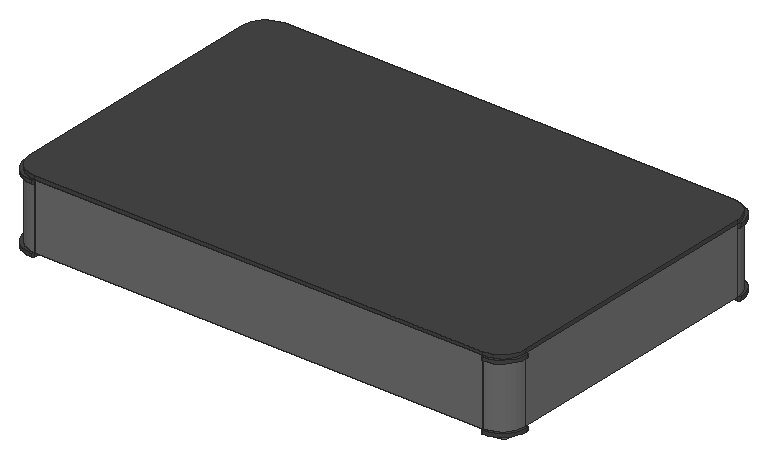
Revit family "QF_ADVENTYS_IE2_600_B-B_250902071253", category Specialty Equipment, Revit 2021
Family settings
  Round Connector Dimension = Use Diameter
  Part Type = Normal
  OmniClass Number = 23.40.40.14
  OmniClass Title = Food Service Equipment
  Work Plane-Based = No
  Always vertical = Yes
  Cut with Voids When Loaded = No
  Shared = No
  Room Calculation Point = No
Parameters (values of type "ADV1844")
  Weight in Pounds [instance] = 0
  Weight = 7.50 kg
  Warranty Start Date [instance] = ""
  Warranty Duration [instance] = ""
  Volts [instance] = 230 V
  URL Recommended Spares List = ""
  URL Manufacturer = ""
  URL Cutsheet = ""
  URL Critical Spares List = ""
  URL = "www.adventys.com"
  Tag Number [instance] = ""
  Status [instance] = ""
  Specification by User [instance] = ""
  Specification by Manufacturer [instance] = ""
  Sound Level [instance] = ""
  Solid Fuel Type [instance] = ""
  Service Life Duration [instance] = ""
  Serial Number [instance] = ""
  Seismic Rating [instance] = ""
  SMACNA No [instance] = ""
  Revision Code [instance] = ""
  Revision [instance] = ""
  Production Year [instance] = ""
  Point Load [instance] = 0
  Phase [instance] = 1
  Other Equipment Approvals [instance] = ""
  Number of Poles [instance] = 2
  NAFEM Spec ID Number [instance] = ""
  Model Warning [instance] = ""
  Model = "IE2 600 B-B"
  Min Ckt Ampacity [instance] = 0 A
  Max Overcurrent Protection [instance] = 10 A
  Masterspec [instance] = ""
  Manufacturer = "ADVENTYS"
  Length Actual = 620 mm
  Item Number [instance] = ""
  Installed By [instance] = ""
  Installation Date [instance] = ""
  Identify Quantity as Lot [instance] = no
  ID [instance] = ""
  Hygiene Approval [instance] = ""
  Hot Water Consumption = 0.0 L/s
  Height Actual = 96 mm
  HP power [instance] = ""
  Furnished By [instance] = ""
  Foodservice Equipment Identifier [instance] = no
  FL Amps [instance] = 2.7 A
  Electrical Remarks [instance] = "Plug not included"
  Electric power [instance] = 0 W
  Electric Connection Type [instance] = "Cord&Plug"
  Elec Conn RI Height [instance] = 0 mm
  Elec Conn Connection Height [instance] = 0 mm
  ETL Approved [instance] = no
  Description = "2 ZONES CUSTOMIZABLE INDUCTION BUFFET"
  Depth Actual = 390 mm
  Default Elevation = 0 mm
  Cycle [instance] = 50 Hz
  Cost = 0
  Conn Plug [instance] = ""
  Conn Conduit [instance] = no
  CSI MasterFormat [instance] = ""
  CE Approved [instance] = no
  Barcode [instance] = 0
  Author [instance] = ""
  Asset Identifier [instance] = ""
  Apparent Power [instance] = 600 VA
  Accessory = no
Reference planes
  plane 1 "Center (Front/Back)": y = 0
  plane 2: z = 0
  plane 3 "Center (Left/Right)": x = 0
Forms (mm)
  Extrusion 1, solid, not visible
    sketch origin (70.003, -2, 47.502) x (1, 0, 0) y (0, 1, 0)
      loop
        line (-2, 2) -> (-2, -2) -> (2, -2) -> (2, 2) -> (-2, 2)
    from -2 to 2
Dimensions and locks
  locked: Extrusion 1 to nested 2
  locked: nested 2 to Extrusion 1 at 2
  aligned and locked: level to plane 2
Nested families
  nested 1: "QF_ADVENTYS_ADV1844_2916" at (0, 0, 0), type "ADV1844"
    with Status "", Show Logo yes, Show Clearance yes
  nested 2: "CONN_POINT_ELE_2D___Generic_Annotation" at (70.003, 0, 47.502), type "CONN_POINT_ELE_2D___Generic_Annotation"
    with Onboard connection annotation symbol visibility yes
Connectors
  electrical at (70.003, 0, 47.502), driven by "Apparent Power", driven by "Number of Poles", driven by "Volts"
    settings: on Extrusion 1, index 1, voltage 230 V, apparent load 0 VA, apparent load phase1 600 VA, apparent load phase2 0 VA, apparent load phase3 0 VA, power factor 1, load classification "Other", number of poles 2, system type 31, power factor state 1, is connector primary yes, connector utility no, sub classification motor no, connector description "Electrical connection for IE2 600 B-B"
Definition of nested family "QF_ADVENTYS_ADV1844_2916"
  Parameters (values of type "ADV1844")
    URL = "www.adventys.com"
    Status [instance] = ""
    Show Logo [instance] = yes
    Show Clearance [instance] = yes
    Model = "IE2 600 B-B"
    Manufacturer = "ADVENTYS"
    Description = "2 ZONES CUSTOMIZABLE INDUCTION BUFFET"
    Default Elevation = 0 mm
    Author = "SPECIFI"
    Assembly Code = "E1090320"
  Reference planes
    plane 1 "Back": y = 0
    plane 2: z = 0
    plane 3 "Left": x = 0
    plane 4 "Right": x = 620
    plane 5 "Front": y = -390
    plane 6 "Top": z = 96
  Forms (mm)
    Extrusion 1, solid
      sketch origin (-437.879, -390, -60.3) x (1, 0, 0) y (0, 1, 0)
        loop
          line (437.879, 360) -> (437.879, 30) -> (467.879, 30) -> (467.879, 0) -> (1027.879, 0) -> (1027.879, 30) -> (1057.879, 30) -> (1057.879, 360) -> (1027.879, 360) -> (1027.879, 390) -> (467.879, 390) -> (467.879, 360) -> (437.879, 360)
      from 70.3 to 152.3
    Extrusion 2, solid
      sketch origin (30, -390, -14.006) x (1, 0, 0) y (0, 1, 0)
        loop
          line (0, 30) -> (-30.98, 30)
          arc (-30.98, 30) -> (-32.402, 29.388) -> (-32.935, 27.935) r 1.958
          arc (-32.935, 27.935) -> (-23.852, 6.102) -> (-2, -2.935) r 30.935
          arc (-2, -2.935) -> (-0.586, -2.35) -> (0, -0.935) r 2
          line (0, -0.935) -> (0, 30)
        loop
          line (560, 30) -> (560, -0.935)
          arc (560, -0.935) -> (560.586, -2.35) -> (562, -2.935) r 2
          arc (562, -2.935) -> (583.852, 6.102) -> (592.935, 27.935) r 30.935
          arc (592.935, 27.935) -> (592.402, 29.388) -> (590.98, 30) r 1.958
          line (590.98, 30) -> (560, 30)
        loop
          line (0, 360) -> (0, 390.935)
          arc (0, 390.935) -> (-0.586, 392.35) -> (-2, 392.935) r 2
          arc (-2, 392.935) -> (-23.852, 383.898) -> (-32.935, 362.065) r 30.935
          arc (-32.935, 362.065) -> (-32.402, 360.612) -> (-30.98, 360) r 1.958
          line (-30.98, 360) -> (0, 360)
        loop
          line (560, 360) -> (590.98, 360)
          arc (590.98, 360) -> (592.402, 360.612) -> (592.935, 362.065) r 1.958
          arc (592.935, 362.065) -> (583.852, 383.898) -> (562, 392.935) r 30.935
          arc (562, 392.935) -> (560.586, 392.35) -> (560, 390.935) r 2
          line (560, 390.935) -> (560, 360)
      from 20.006 to 24.006
    Extrusion 3, solid
      sketch origin (-430.601, -391.294, 0.995) x (1, 0, 0) y (0, 1, 0)
        loop
          circle (1033.349, 18.158) r 8
        loop
          circle (447.454, 18.158) r 8
        loop
          circle (1033.349, 374.212) r 8
        loop
          circle (447.454, 374.212) r 8
      from -0.995 to 5
    Extrusion 4, solid
      sketch origin (30, -390, 71.994) x (1, 0, 0) y (0, 1, 0)
        loop
          line (0, 0) -> (560, 0)
          arc (560, 0) -> (581.213, 8.787) -> (590, 30) r 30
          line (590, 30) -> (590, 360)
          arc (590, 360) -> (581.213, 381.213) -> (560, 390) r 30
          line (560, 390) -> (0, 390)
          arc (0, 390) -> (-21.213, 381.213) -> (-30, 360) r 30
          line (-30, 360) -> (-30, 30)
          arc (-30, 30) -> (-21.213, 8.787) -> (0, 0) r 30
      from 20.006 to 24.006
    Extrusion 5, solid
      sketch origin (30, -390, 67.994) x (1, 0, 0) y (0, 1, 0)
        loop
          arc (560, 390) -> (581.213, 381.213) -> (590, 360) r 30
          line (590, 360) -> (590.98, 360)
          arc (590.98, 360) -> (592.402, 360.612) -> (592.935, 362.065) r 1.958
          arc (592.935, 362.065) -> (583.852, 383.898) -> (562, 392.935) r 30.935
          arc (562, 392.935) -> (560.586, 392.35) -> (560, 390.935) r 2
          line (560, 390.935) -> (560, 390)
        loop
          line (560, 0) -> (560, -0.935)
          arc (560, -0.935) -> (560.586, -2.35) -> (562, -2.935) r 2
          arc (562, -2.935) -> (583.852, 6.102) -> (592.935, 27.935) r 30.935
          arc (592.935, 27.935) -> (592.402, 29.388) -> (590.98, 30) r 1.958
          line (590.98, 30) -> (590, 30)
          arc (590, 30) -> (581.213, 8.787) -> (560, 0) r 30
        loop
          line (0, 390) -> (0, 390.935)
          arc (0, 390.935) -> (-0.586, 392.35) -> (-2, 392.935) r 2
          arc (-2, 392.935) -> (-23.852, 383.898) -> (-32.935, 362.065) r 30.935
          arc (-32.935, 362.065) -> (-32.402, 360.612) -> (-30.98, 360) r 1.958
          line (-30.98, 360) -> (-30, 360)
          arc (-30, 360) -> (-21.213, 381.213) -> (0, 390) r 30
        loop
          arc (0, 0) -> (-21.213, 8.787) -> (-30, 30) r 30
          line (-30, 30) -> (-30.98, 30)
          arc (-30.98, 30) -> (-32.402, 29.388) -> (-32.935, 27.935) r 1.958
          arc (-32.935, 27.935) -> (-23.852, 6.102) -> (-2, -2.935) r 30.935
          arc (-2, -2.935) -> (-0.586, -2.35) -> (0, -0.935) r 2
          line (0, -0.935) -> (0, 0)
      from 20.006 to 24.006
    Extrusion 6, solid
      sketch origin (884.629, 0.2, -60.3) x (1, 0, 0) y (0, 0, 1)
        loop
          line (-603.629, 131.7) -> (-763.629, 131.7)
          arc (-763.629, 131.7) -> (-767.164, 130.236) -> (-768.629, 126.7) r 5
          line (-768.629, 126.7) -> (-768.629, 96.7)
          arc (-768.629, 96.7) -> (-767.164, 93.164) -> (-763.629, 91.7) r 5
          line (-763.629, 91.7) -> (-603.629, 91.7)
          arc (-603.629, 91.7) -> (-600.093, 93.164) -> (-598.629, 96.7) r 5
          line (-598.629, 96.7) -> (-598.629, 126.7)
          arc (-598.629, 126.7) -> (-600.093, 130.236) -> (-603.629, 131.7) r 5
      from -0.2 to 1.8
    Extrusion 7, solid
      sketch origin (-482.629, 0.6, -0.3) x (-1, 0, 0) y (0, 0, -1)
        loop
          line (-663.129, -58.2) -> (-663.129, -45.2) -> (-704.129, -45.2) -> (-704.129, -58.2) -> (-663.129, -58.2)
      from 0 to 2
    Extrusion 8, solid
      sketch origin (-482.629, -55.341, -0.3) x (-1, 0, 0) y (0, 0, -1)
        loop
          line (-647.129, -55.95) -> (-647.129, -47.45)
          arc (-647.129, -47.45) -> (-647.788, -45.859) -> (-649.379, -45.2) r 2.25
          line (-649.379, -45.2) -> (-657.879, -45.2)
          arc (-657.879, -45.2) -> (-659.47, -45.859) -> (-660.129, -47.45) r 2.25
          line (-660.129, -47.45) -> (-660.129, -55.95)
          arc (-660.129, -55.95) -> (-659.47, -57.541) -> (-657.879, -58.2) r 2.25
          line (-657.879, -58.2) -> (-649.379, -58.2)
          arc (-649.379, -58.2) -> (-647.788, -57.541) -> (-647.129, -55.95) r 2.25
        loop
          line (-653.229, -55.7) -> (-653.229, -52.1) -> (-649.629, -52.1) -> (-649.629, -51.3) -> (-653.229, -51.3) -> (-653.229, -47.7) -> (-654.029, -47.7) -> (-654.029, -51.3) -> (-657.629, -51.3) -> (-657.629, -52.1) -> (-654.029, -52.1) -> (-654.029, -55.7) -> (-653.229, -55.7)
        loop
          line (-707.129, -55.95) -> (-707.129, -47.45)
          arc (-707.129, -47.45) -> (-707.788, -45.859) -> (-709.379, -45.2) r 2.25
          line (-709.379, -45.2) -> (-717.879, -45.2)
          arc (-717.879, -45.2) -> (-719.47, -45.859) -> (-720.129, -47.45) r 2.25
          line (-720.129, -47.45) -> (-720.129, -55.95)
          arc (-720.129, -55.95) -> (-719.47, -57.541) -> (-717.879, -58.2) r 2.25
          line (-717.879, -58.2) -> (-709.379, -58.2)
          arc (-709.379, -58.2) -> (-707.788, -57.541) -> (-707.129, -55.95) r 2.25
        loop
          line (-709.629, -52.1) -> (-709.629, -51.3) -> (-717.629, -51.3) -> (-717.629, -52.1) -> (-709.629, -52.1)
        loop
          circle (-733.525, -51.7) r 6.5
        loop
          line (-733.229, -55.7) -> (-733.229, -47.7) -> (-734.029, -47.7) -> (-734.029, -55.7) -> (-733.229, -55.7)
      from -55.941 to -53.941
    Extrusion 9, solid
      sketch origin (0, 0, 0) x (1, 0, 0) y (0, 1, 0)
        loop
          arc (30, 0) -> (8.787, -8.787) -> (0, -30) r 30
          line (0, -30) -> (30, -30) -> (30, 0)
        loop
          line (30, -390) -> (30, -360) -> (0, -360)
          arc (0, -360) -> (8.787, -381.213) -> (30, -390) r 30
        loop
          line (590, 0) -> (590, -30) -> (620, -30)
          arc (620, -30) -> (611.213, -8.787) -> (590, 0) r 30
        loop
          arc (590, -390) -> (611.213, -381.213) -> (620, -360) r 30
          line (620, -360) -> (590, -360) -> (590, -390)
      from 10 to 88
    Extrusion 10, solid
      sketch origin (1099.629, 0.2, -60.3) x (1, 0, 0) y (0, 0, 1)
        loop
          line (-603.629, 131.7) -> (-763.629, 131.7)
          arc (-763.629, 131.7) -> (-767.164, 130.236) -> (-768.629, 126.7) r 5
          line (-768.629, 126.7) -> (-768.629, 96.7)
          arc (-768.629, 96.7) -> (-767.164, 93.164) -> (-763.629, 91.7) r 5
          line (-763.629, 91.7) -> (-603.629, 91.7)
          arc (-603.629, 91.7) -> (-600.093, 93.164) -> (-598.629, 96.7) r 5
          line (-598.629, 96.7) -> (-598.629, 126.7)
          arc (-598.629, 126.7) -> (-600.093, 130.236) -> (-603.629, 131.7) r 5
      from -0.2 to 1.8
    Extrusion 11, solid
      sketch origin (-267.629, 0.6, -0.3) x (-1, 0, 0) y (0, 0, -1)
        loop
          line (-663.129, -58.2) -> (-663.129, -45.2) -> (-704.129, -45.2) -> (-704.129, -58.2) -> (-663.129, -58.2)
      from 0 to 2
    Extrusion 12, solid
      sketch origin (-267.629, -55.341, -0.3) x (-1, 0, 0) y (0, 0, -1)
        loop
          line (-647.129, -55.95) -> (-647.129, -47.45)
          arc (-647.129, -47.45) -> (-647.788, -45.859) -> (-649.379, -45.2) r 2.25
          line (-649.379, -45.2) -> (-657.879, -45.2)
          arc (-657.879, -45.2) -> (-659.47, -45.859) -> (-660.129, -47.45) r 2.25
          line (-660.129, -47.45) -> (-660.129, -55.95)
          arc (-660.129, -55.95) -> (-659.47, -57.541) -> (-657.879, -58.2) r 2.25
          line (-657.879, -58.2) -> (-649.379, -58.2)
          arc (-649.379, -58.2) -> (-647.788, -57.541) -> (-647.129, -55.95) r 2.25
        loop
          line (-653.229, -55.7) -> (-653.229, -52.1) -> (-649.629, -52.1) -> (-649.629, -51.3) -> (-653.229, -51.3) -> (-653.229, -47.7) -> (-654.029, -47.7) -> (-654.029, -51.3) -> (-657.629, -51.3) -> (-657.629, -52.1) -> (-654.029, -52.1) -> (-654.029, -55.7) -> (-653.229, -55.7)
        loop
          line (-707.129, -55.95) -> (-707.129, -47.45)
          arc (-707.129, -47.45) -> (-707.788, -45.859) -> (-709.379, -45.2) r 2.25
          line (-709.379, -45.2) -> (-717.879, -45.2)
          arc (-717.879, -45.2) -> (-719.47, -45.859) -> (-720.129, -47.45) r 2.25
          line (-720.129, -47.45) -> (-720.129, -55.95)
          arc (-720.129, -55.95) -> (-719.47, -57.541) -> (-717.879, -58.2) r 2.25
          line (-717.879, -58.2) -> (-709.379, -58.2)
          arc (-709.379, -58.2) -> (-707.788, -57.541) -> (-707.129, -55.95) r 2.25
        loop
          line (-709.629, -52.1) -> (-709.629, -51.3) -> (-717.629, -51.3) -> (-717.629, -52.1) -> (-709.629, -52.1)
        loop
          circle (-733.525, -51.7) r 6.5
        loop
          line (-733.229, -55.7) -> (-733.229, -47.7) -> (-734.029, -47.7) -> (-734.029, -55.7) -> (-733.229, -55.7)
      from -55.941 to -53.941
  Lines and regions (mm)
    symbolic lines
      curve 1: line (0, -360, 0) -> (0, -30, 0)
      curve 2: line (30, 0, 0) -> (590, 0, 0)
      curve 3: line (620, -30, 0) -> (620, -360, 0)
      curve 4: line (590, -390, 0) -> (30, -390, 0)
      curve 5: arc (0, -360, 0) -> (8.787, -381.213, 0) -> (30, -390, 0) r 30
      curve 6: arc (590, -390, 0) -> (611.213, -381.213, 0) -> (620, -360, 0) r 30
      curve 7: arc (0, -30, 0) -> (8.787, -8.787, 0) -> (30, 0, 0) r 30
      curve 8: arc (590, 0, 0) -> (611.213, -8.787, 0) -> (620, -30, 0) r 30
      curve 9: line (0, -360, 0) -> (-0.98, -360, 0)
      curve 10: arc (-0.98, -360, 0) -> (-2.365, -360.574, 0) -> (-2.938, -361.958, 0) r 1.958
      curve 11: arc (-2.938, -361.958, 0) -> (6.135, -383.862, 0) -> (28.039, -392.935, 0) r 30.977
      curve 12: arc (28.039, -392.935, 0) -> (29.426, -392.361, 0) -> (30, -390.974, 0) r 1.961
      curve 13: line (30, -390.974, 0) -> (30, -390, 0)
      curve 14: line (620, -360, 0) -> (620.98, -360, 0)
      curve 15: arc (620.98, -360, 0) -> (622.365, -360.574, 0) -> (622.938, -361.958, 0) r 1.958
      curve 16: arc (622.938, -361.958, 0) -> (613.865, -383.862, 0) -> (591.961, -392.935, 0) r 30.977
      curve 17: arc (591.961, -392.935, 0) -> (590.574, -392.361, 0) -> (590, -390.974, 0) r 1.961
      curve 18: line (590, -390.974, 0) -> (590, -390, 0)
      curve 19: line (0, -30, 0) -> (-0.98, -30, 0)
      curve 20: arc (-0.98, -30, 0) -> (-2.365, -29.426, 0) -> (-2.938, -28.042, 0) r 1.958
      curve 21: arc (-2.938, -28.042, 0) -> (6.135, -6.138, 0) -> (28.039, 2.935, 0) r 30.977
      curve 22: arc (28.039, 2.935, 0) -> (29.426, 2.361, 0) -> (30, 0.974, 0) r 1.961
      curve 23: line (30, 0.974, 0) -> (30, 0, 0)
      curve 24: line (620, -30, 0) -> (620.98, -30, 0)
      curve 25: arc (620.98, -30, 0) -> (622.365, -29.426, 0) -> (622.938, -28.042, 0) r 1.958
      curve 26: arc (622.938, -28.042, 0) -> (613.865, -6.138, 0) -> (591.961, 2.935, 0) r 30.977
      curve 27: arc (591.961, 2.935, 0) -> (590.574, 2.361, 0) -> (590, 0.974, 0) r 1.961
      curve 28: line (590, 0.974, 0) -> (590, 0, 0)
  Dimensions and locks
    plane 6 "Top" to level = 96 mm
    plane 3 "Left" to plane 4 "Right" = 620 mm
    plane 5 "Front" to plane 1 "Back" = 390 mm
    aligned and locked: level to plane 2
Definition of nested family "CONN_POINT_ELE_2D___Generic_Annotation"
  Parameters (values of type "CONN_POINT_ELE_2D___Generic_Annotation")
    Onboard connection annotation symbol visibility [instance] = yes
  Reference planes
    plane 1: y = 0
    plane 2: x = 0
  Lines and regions (mm)
    detail lines, visible <- "Onboard connection annotation symbol visibility"
      curve 1: circle (0, 0, 0) r 0.5 normal (0, 0, 1)
      curve 2: line (-1, 0, 0) -> (1, 0, 0)
      curve 3: line (0, 1, 0) -> (0, -1, 0)
      curve 4: line (2.5, 1, 0) -> (1.25, 1, 0)
      curve 5: line (1.25, 1, 0) -> (1.25, -1, 0)
      curve 6: line (1.25, -1, 0) -> (2.5, -1, 0)
      curve 7: line (1.25, 0, 0) -> (2, 0, 0)
